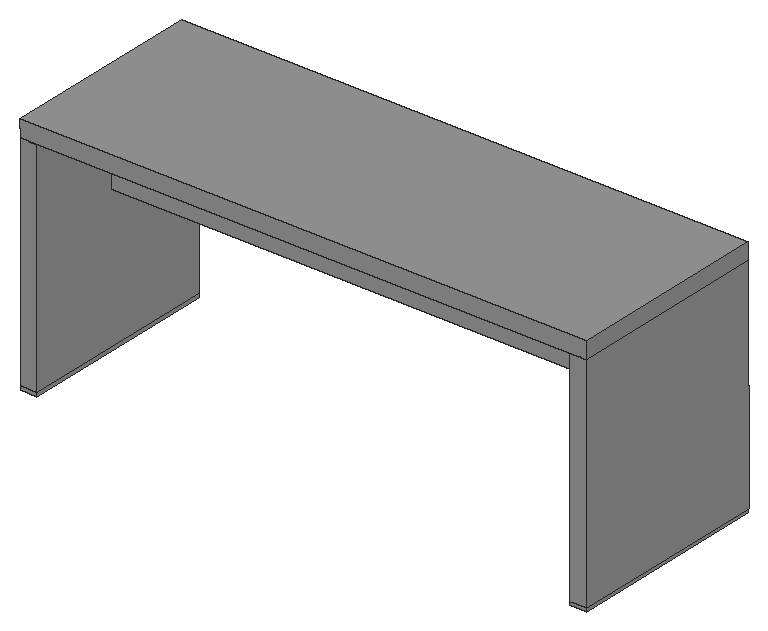
Revit family "Cocoon Community Table 30x84x36", category Generic Models, Revit 2018
Family settings
  Can host rebar = No
  Round Connector Dimension = Use Diameter
  Part Type = Normal
  Work Plane-Based = No
  Always vertical = Yes
  Cut with Voids When Loaded = No
  Shared = No
  Room Calculation Point = No
Parameters
  Frame = Cocoon Community Table 30x84x36 Frame
  Surface = Cocoon Community Table 30x84x36 Surface
Reference planes (in)
  plane 1 "Center (Front/Back)": y = 0
  plane 2: z = 0
  plane 3 "Center (Left/Right)": x = 0
Forms (in)
  Extrusion 1, solid, material "Cocoon Community Table 30x84x36 Frame" <- "Frame"
    sketch origin (0, 0, 0) x (1, 0, 0) y (0, 0, 1)
      loop
        line (-42, 0.5) -> (-42, 0) -> (-39.5, 0) -> (-39.5, 0.5) -> (-42, 0.5)
      loop
        line (42, 0.5) -> (39.5, 0.5) -> (39.5, 0) -> (42, 0) -> (42, 0.5)
    from -15 to 15
  Extrusion 2, solid, material "Cocoon Community Table 30x84x36 Surface" <- "Surface"
    sketch origin (0, 0, 7) x (1, 0, 0) y (0, 0, 1)
      loop
        line (-42, 29) -> (-42, 26.5) -> (42, 26.5) -> (42, 29) -> (-42, 29)
    from -15 to 15
  Extrusion 3, solid, material "Cocoon Community Table 30x84x36 Frame" <- "Frame"
    sketch origin (0, 0, 0) x (1, 0, 0) y (0, 0, 1)
      loop
        line (-42, 33.5) -> (-42, 0.5) -> (-39.5, 0.5) -> (-39.5, 33.5) -> (-42, 33.5)
      loop
        line (39.5, 33.5) -> (39.5, 0.5) -> (42, 0.5) -> (42, 33.5) -> (39.5, 33.5)
    from -15 to 15
  Extrusion 4, solid, material "Cocoon Community Table 30x84x36 Frame" <- "Frame"
    sketch origin (0, 0, -6) x (0, 1, 0) y (0, 0, 1)
      loop
        line (1.25, 39.5) -> (-1.25, 39.5) -> (-1.25, 27.5) -> (1.25, 27.5) -> (1.25, 39.5)
    from -39.5 to 39.5
Dimensions and locks (in)
  aligned and locked: plane 2 to level
